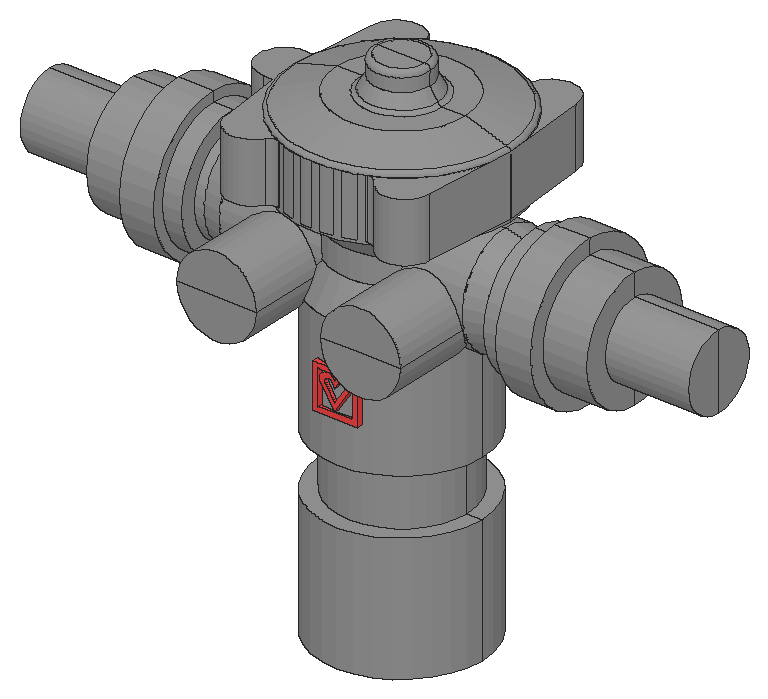
Revit family "Kombiventil 4006_R_SMART", category Rohrzubehör, Revit 2018
Family settings
  Bemaßung runder Anschluss = Durchmesser verwenden
  Teiletyp = Unterbricht
  OmniClass-Nummer = 23.65.55.14
  OmniClass-Titel = Valves for Liquid Services
  Arbeitsebenenbasiert = Nein
  Immer vertikal = Ja
  Beim Laden mit Abzugskörper schneiden = Nein
  Gemeinsam genutzt = Nein
Parameters
  min.Betriebstemperatur (reines Wasser) = 2 °C  # constant formula
  min.Betriebstemperatur (Frostschutz) = -20 °C  # constant formula
  max.Betriebstemperatur bis DN32 = 130 °C  # constant formula
  max.Betriebstemperatur ab DN40 = 110 °C  # constant formula
  max.Betriebsdruck = 1600000.0 Pa  # constant formula
  VRL01 = 30.000 mm  # constant formula
  V12 = 17.000 mm  # constant formula
  V10 = 7.000 mm  # constant formula
  V09 [instance] = L06 + 4.000 mm  # 11.000 mm
  V04 [instance] = V08 + 3.000 mm  # 13.000 mm
  V03 [instance] = V08 + 5.000 mm  # 15.000 mm
  V02 [instance] = V01 + 4.500 mm  # 12.000 mm
  V01 [instance] = Nennweite / 2  # 7.500 mm
  URL = "www.herz-armaturen.at"
  Stift = "Edelstahl 14301"  # constant formula
  SCRNSEQ = "ARM;ARM_TYP=\"DURR\";2"
  SCRNCODE = "05;04;02"  # constant formula
  S09 = 10.000 mm
  S08 = 30.000 mm
  S07 [instance] = H03 + 3.700 mm  # 10.051 mm
  S04 [instance] = V03 * 2  # 30.000 mm
  S01 [instance] = L01 + L02 + (VRL01 * 2)  # 135.000 mm
  R17 [instance] = size_lookup("4006R_S", "R17", 12.500 mm, Nennweite)  # 12.500 mm
  R16 [instance] = size_lookup("4006R_S", "R16", 16.500 mm, Nennweite)  # 16.500 mm
  R15 = 7.225 mm  # constant formula
  R14 = 8.070 mm  # constant formula
  R13 = 3.496 mm  # constant formula
  R12 = 6.800 mm  # constant formula
  R11 = 9.620 mm  # constant formula
  R10 = 6.800 mm  # constant formula
  R09 = 16.292 mm  # constant formula
  R08 = 13.212 mm  # constant formula
  R07 = 18.816 mm  # constant formula
  R06 = 22.000 mm  # constant formula
  R05 = 12.954 mm  # constant formula
  R04 = 7.193 mm  # constant formula
  R03 = 5.755 mm  # constant formula
  R02 = 4.670 mm  # constant formula
  R01 [instance] = size_lookup("4006R_S", "R01", 11.000 mm, Nennweite)  # 11.000 mm
  PN = 16  # constant formula
  O-Ringe = "EPDM"  # constant formula
  V08 [instance] = size_lookup("4006R_S", "N2", 10.000 mm, Nennweite)  # 10.000 mm
  Nennweite/2 [instance] = size_lookup("4006R_S", "N1", 8.000 mm, Nennweite)  # 9.000 mm
  Nennweite [instance] = 15.000 mm
  Membrangehäuse = "Messing CW602N"  # constant formula
  Membrane = "EPDM"  # constant formula
  Medium = "Wasserbeschaffenheit nach ÖNORM H 5195 und VDI 2035.\r\nDie Verwendung von Ethylen- und Propylenglykol ist im Mischungsverhältnis 25 - 50 Vol.- [%] zulässig."
  L15 [instance] = size_lookup("4006R_S", "L15", 3.300 mm, Nennweite)  # 3.300 mm
  L14 [instance] = size_lookup("4006R_S", "L14", 43.477 mm, Nennweite)  # 43.477 mm
  L13 [instance] = size_lookup("4006R_S", "L13", 32.232 mm, Nennweite)  # 32.232 mm
  L12 [instance] = size_lookup("4006R_S", "L12", 6.497 mm, Nennweite)  # 6.497 mm
  L11 [instance] = size_lookup("4006R_S", "L11", 5.418 mm, Nennweite)  # 5.418 mm
  L10 [instance] = size_lookup("4006R_S", "L10", 12.434 mm, Nennweite)  # 12.434 mm
  L09 [instance] = size_lookup("4006R_S", "L09", 24.943 mm, Nennweite)  # 24.943 mm
  L08 [instance] = size_lookup("4006R_S", "L08", 28.260 mm, Nennweite)  # 28.260 mm
  L07 [instance] = size_lookup("4006R_S", "L07", 33.915 mm, Nennweite)  # 33.915 mm
  L06 = 7.000 mm  # constant formula
  L05 = 9.000 mm  # constant formula
  L04 = 21.000 mm  # constant formula
  L03 = 28.000 mm  # constant formula
  L02 = 34.000 mm  # constant formula
  L01 = 41.000 mm  # constant formula
  Impulsleitung = "Kupfer Cu-DHP (CW024A)"  # constant formula
  Hub = 4.000 mm  # constant formula
  Hersteller = "Herz-Armaturen GmbH"  # constant formula
  H04 = 12.000 mm  # constant formula
  H03 = 6.351 mm  # constant formula
  H02 [instance] = size_lookup("4006R_S", "H2", 69.000 mm, Nennweite)  # 69.000 mm
  H01 [instance] = size_lookup("4006R_S", "H1", 35.000 mm, Nennweite)  # 35.000 mm
  H [instance] = 112.553 mm  # constant formula
  Gehäuse = "DZR Messing CC770S"  # constant formula
  E20 = 108.221 mm  # constant formula
  E19 = 5.000 mm  # constant formula
  E18 = 5.150 mm  # constant formula
  E17 = 28.850 mm  # constant formula
  E16 = 23.700 mm  # constant formula
  E15 = 21.877 mm  # constant formula
  E14 = 20.506 mm  # constant formula
  E13 = 11.063 mm  # constant formula
  E12 = 9.001 mm  # constant formula
  E11 = 10.700 mm  # constant formula
  E10 = 20.427 mm  # constant formula
  E09 = 20.075 mm  # constant formula
  E08 = 20.825 mm  # constant formula
  E07 = 5.150 mm  # constant formula
  E06 = 17.921 mm  # constant formula
  E05 = 20.519 mm  # constant formula
  E04 = 19.704 mm  # constant formula
  E03 = 18.385 mm  # constant formula
  E02 = 20.014 mm  # constant formula
  E01 = 23.000 mm  # constant formula
  Druckfeder = "Federstahl"  # constant formula
  Bestellnummer Verschraubung [instance] = size_lookup("4006R_S", "Vrnr", 0, Nennweite)  # 1621011
  Bestellnummer [instance] = size_lookup("4006R_S", "Artnr", 0, Nennweite)  # 1400661
  Bauschutzkappe = "Kunststoff"  # constant formula
  B09 = 7.998 mm  # constant formula
  B08 = 26.000 mm  # constant formula
  B07 = 30.908 mm  # constant formula
  B06 = 39.471 mm  # constant formula
  B05 = 40.933 mm  # constant formula
  B04 = 41.901 mm  # constant formula
  B03 = 44.372 mm  # constant formula
  B02 = 45.400 mm  # constant formula
  B01 = 50.000 mm  # constant formula
  Anwendungsgebiet = "Das Kombiventil wird in allen pumpenbetriebenen Heiz- und Kühlanlagen eingesetzt. Der Regler begrenzt automatisch\r\nden Volumenstrom im gewählten Anlagenteil auf den einmal eingestellten Wert, indem alle Druckschwankungen\r\ngemessen und ausgeregelt werden. Somit sind keine Messungen erforderlich und die Regelung ist bei allen\r\nBetriebsbedingungen effektiv. Das Kombiventil regelt den Volumenstrom der ventileigenen Voreinstellung auf einen\r\nkonstanten Wert; die Membran regelt aufgrund des Druckes unmittelbar nach dem Regeleinsatz, sowie des Druckes\r\ndavor."
Reference planes
  plane 1 "Mitte (Vorne/hinten)": y = 0
  plane 2: z = 0
  plane 3 "Mitte (Links/rechts)": x = 0
Forms (mm)
  Revolve 1, solid, material "Messing, weicher Gelbton, geschweißt", detail levels fine
    sketch origin (0, 0, 0) x (1, 0, 0) y (0, 0, 1)
      loop
        line (-41, 9) -> (-34, 9) -> (-34, 0) -> (27, 0) -> (27, 9) -> (34, 9) -> (34, 10) -> (25, 10) -> (21, 11) -> (-28, 11) -> (-32, 10) -> (-41, 10) -> (-41, 9)
      axis (-41, 0) -> (34, 0)
    angle from 0 to 360
  Revolve 2, solid, material "Messing, weicher Gelbton, geschweißt", detail levels fine
    sketch origin (0, 0, 0) x (1, 0, 0) y (0, 0, 1)
      loop
        line (0, -69) -> (16.292, -69) -> (16.292, -43.477) -> (13.212, -43.477) -> (13.212, -32.232) -> (16.292, -32.232) -> (16.292, -6.497) -> (13.212, 0.106) -> (13.212, 5.418) -> (18.816, 12.434) -> (22, 12.434) -> (22, 24.943)
        arc (22, 24.943) -> (21.752, 25.523) -> (21.223, 25.866) r 1.085
        line (21.223, 25.866) -> (12.954, 28.26) -> (8.134, 28.26)
        arc (8.134, 28.26) -> (7.591, 28.406) -> (7.193, 28.803) r 1.086
        line (7.193, 28.803) -> (5.755, 31.294) -> (5.755, 33.915)
        arc (5.755, 33.915) -> (5.437, 34.682) -> (4.67, 35) r 1.085
        line (4.67, 35) -> (0, 35) -> (0, -69)
      axis (0, 35) -> (0, -69)
    angle from 0 to 360
  Extrusion 3, solid, material "Messing, weicher Gelbton, geschweißt", detail levels fine
    sketch origin (0, 0, 28.917) x (1, 0, 0) y (0, 1, 0)
      loop
        arc (-20.506, 17.921) -> (-21.381, 11.556) -> (-21.877, 5.15) r 108.259
        line (-21.877, 5.15) -> (-23.7, 5.15)
        arc (-23.7, 5.15) -> (-27.342, 3.642) -> (-28.85, 0) r 5.15
        arc (-28.85, 0) -> (-27.342, -3.642) -> (-23.7, -5.15) r 5.15
        line (-23.7, -5.15) -> (-21.877, -5.15)
        arc (-21.877, -5.15) -> (-21.356, -11.79) -> (-20.427, -18.385) r 108.259
        arc (-20.427, -18.385) -> (-16.688, -23.223) -> (-11.063, -20.825) r 5
        arc (-11.063, -20.825) -> (-10.143, -20.146) -> (-9.001, -20.075) r 2.019
        arc (-9.001, -20.075) -> (0, -22.001) -> (9.001, -20.075) r 22.001
        arc (9.001, -20.075) -> (10.143, -20.145) -> (11.063, -20.825) r 2.019
        arc (11.063, -20.825) -> (16.688, -23.223) -> (20.427, -18.385) r 5
        arc (20.427, -18.385) -> (22, 0) -> (20.427, 18.385) r 108.221
        arc (20.427, 18.385) -> (16.253, 23.316) -> (10.7, 20.014) r 5
        arc (10.7, 20.014) -> (9.88, 19.699) -> (9.001, 19.704) r 2.379
        arc (9.001, 19.704) -> (0, 21.663) -> (-9.001, 19.704) r 21.663
        arc (-9.001, 19.704) -> (-10.161, 19.785) -> (-11.063, 20.519) r 1.927
        arc (-11.063, 20.519) -> (-16.774, 22.818) -> (-20.506, 17.921) r 5.079
    from -15.973 to -3.973
  Revolve 4, solid, material "Messing, weicher Gelbton, geschweißt", detail levels fine
    sketch origin (0, 0, -3.3) x (1, 0, 0) y (0, 1, 0)
      loop
        line (-16.5, -26) -> (-16.5, -7.998) -> (-24.57, -7.998) -> (-24.57, -26) -> (-16.5, -26)
      axis (-16.5, -7.998) -> (-16.5, -26)
    angle from 0 to 360
  Revolve 5, solid, material "Messing, weicher Gelbton, geschweißt", detail levels fine
    sketch origin (-4, 0, -3.3) x (-1, 0, 0) y (0, -1, 0)
      loop
        line (-16.5, 26) -> (-24.57, 26) -> (-24.57, 7.998) -> (-16.5, 7.998) -> (-16.5, 26)
      axis (-16.5, 7.998) -> (-16.5, 26)
    angle from 0 to 360
  Revolve 6, solid, material "Messing, weicher Gelbton, geschweißt", detail levels fine
    sketch origin (0, 0, 0) x (1, 0, 0) y (0, 0, 1)
      loop
        line (34, 0) -> (64, 0) -> (64, 7.5) -> (47, 7.5) -> (47, 12) -> (38, 12) -> (38, 15) -> (31, 15) -> (31, 13) -> (27, 13) -> (27, 10) -> (34, 10) -> (34, 0)
      axis (27, 0) -> (64, 0)
    angle from 0 to 360
  Revolve 7, solid, material "Messing, weicher Gelbton, geschweißt", detail levels fine
    sketch origin (-7, 0, 0) x (-1, 0, 0) y (0, 0, -1)
      loop
        line (34, 0) -> (34, -10) -> (27, -10) -> (27, -13) -> (31, -13) -> (31, -15) -> (38, -15) -> (38, -12) -> (47, -12) -> (47, -7.5) -> (64, -7.5) -> (64, 0) -> (34, 0)
      axis (27, 0) -> (64, 0)
    angle from 0 to 360
Lines and regions (mm)
  model lines, detail levels coarse+medium
    curve 1: line (67.5, -15, 0) -> (67.5, 15, 0)
    curve 2: line (67.5, 15, 0) -> (-67.5, -15, 0)
    curve 3: line (-67.5, -15, 0) -> (-67.5, 15, 0)
    curve 4: line (-67.5, 15, 0) -> (67.5, -15, 0)
    curve 5: line (-67.5, 14.673, 0) -> (0, -12.434, 0)
    curve 6: line (0, -12.434, 0) -> (67.5, 14.673, 0)
    curve 7: line (0, -12.434, 0) -> (0, -24.949, 0)
    curve 8: spline (-22, -29.974, 0) -> (-21.25, -28.674, 0) -> (-19.053, -27.462, 0) -> (-15.556, -26.421, 0) -> (-11, -25.622, 0) -> (-5.694, -25.12, 0) -> (0, -24.949, 0) -> (5.694, -25.12, 0) -> (11, -25.622, 0) -> (15.556, -26.421, 0) -> (19.053, -27.462, 0) -> (21.25, -28.674, 0) -> (22, -29.975, 0) -> (21.25, -31.275, 0) -> (19.053, -32.487, 0) -> (15.556, -33.528, 0) -> (11, -34.327, 0) -> (5.694, -34.829, 0) -> (0, -35, 0) -> (-5.694, -34.829, 0) -> (-11, -34.327, 0) -> (-15.556, -33.528, 0) -> (-19.053, -32.487, 0) -> (-21.25, -31.275, 0) -> (-22, -29.974, 0)
    curve 9: line (-67.5, 0, 15) -> (-67.5, 0, -15)
    curve 10: line (-67.5, 0, -15) -> (67.5, 0, 15)
    curve 11: line (67.5, 0, 15) -> (67.5, 0, -15)
    curve 12: line (67.5, 0, -15) -> (-67.5, 0, 15)
    curve 13: line (67.5, 0, -14.975) -> (0, 0, 12.434)
    curve 14: line (0, 0, 12.434) -> (-67.5, 0, -15)
    curve 15: line (0, 0, 12.434) -> (0, 0, 24.949)
    curve 16: spline (-22, 0, 29.975) -> (-21.25, 0, 31.275) -> (-19.053, 0, 32.487) -> (-15.556, 0, 33.528) -> (-11, 0, 34.327) -> (-5.694, 0, 34.829) -> (0, 0, 35) -> (5.694, 0, 34.829) -> (11, 0, 34.327) -> (15.556, 0, 33.528) -> (19.053, 0, 32.487) -> (21.25, 0, 31.275) -> (22, 0, 29.974) -> (21.25, 0, 28.674) -> (19.053, 0, 27.462) -> (15.556, 0, 26.421) -> (11, 0, 25.622) -> (5.694, 0, 25.12) -> (0, 0, 24.949) -> (-5.694, 0, 25.12) -> (-11, 0, 25.622) -> (-15.556, 0, 26.421) -> (-19.053, 0, 27.462) -> (-21.25, 0, 28.674) -> (-22, 0, 29.975)
  model lines
    curve 17: line (-67.5, 0, 15) -> (-77.5, 0, 15)
    curve 18: line (-77.5, 0, 15) -> (-67.5, 0, 0)
    curve 19: line (-67.5, 0, -15) -> (-77.5, 0, -15)
    curve 20: line (-77.5, 0, -15) -> (-67.5, 0, 0)
    curve 21: line (-67.5, 0, 0) -> (-97.5, 0, 0)
    curve 22: line (67.5, 0, 15) -> (77.5, 0, 15)
    curve 23: line (77.5, 0, 15) -> (67.5, 0, 0)
    curve 24: line (67.5, 0, -15) -> (77.5, 0, -15)
    curve 25: line (77.5, 0, -15) -> (67.5, 0, 0)
    curve 26: line (67.5, 0, 0) -> (97.5, 0, 0)
Dimensions and locks
  "H02": level to Revolve 2 sketch curve
  "L01": plane 3 "Mitte (Links/rechts)" to Revolve 1 sketch curve
  "V08": Revolve 1 sketch curve to Revolve 1 sketch curve  (x2)
  "Nennweite/2": Revolve 1 sketch curve to Revolve 1 sketch curve  (x2)
  "E01": plane 1 "Mitte (Vorne/hinten)" to Extrusion 3 sketch curve
  "L03": plane 3 "Mitte (Links/rechts)" to Revolve 1 sketch curve
  "L04": Revolve 1 sketch curve to plane 3 "Mitte (Links/rechts)"
  "L05": Revolve 1 sketch curve to Revolve 1 sketch curve  (x2)
  "L06": Revolve 1 sketch curve to Revolve 1 sketch curve  (x2)
  "L02": Revolve 1 sketch curve to plane 3 "Mitte (Links/rechts)"
  "H01": Revolve 2 sketch curve to level
  "R02": Revolve 2 sketch curve to Revolve 2 sketch curve
  "R03": Revolve 2 sketch curve to Revolve 2 sketch curve
  "R04": Revolve 2 sketch curve to Revolve 2 sketch curve
  "R05": Revolve 2 sketch curve to Revolve 2 sketch curve
  "R06": Revolve 2 sketch curve to Revolve 2 sketch curve
  "R07": Revolve 2 sketch curve to Revolve 2 sketch curve
  "R08": Revolve 2 sketch curve to Revolve 2 sketch curve  (x2)
  "R09": Revolve 2 sketch curve to Revolve 2 sketch curve  (x2)
  "L07": Revolve 2 sketch curve to plane 2
  "L08": Revolve 2 sketch curve to plane 2
  "L09": Revolve 2 sketch curve to plane 2
  "L10": Revolve 2 sketch curve to plane 2
  "L11": Revolve 2 sketch curve to plane 2
  "L12": plane 2 to Revolve 2 sketch curve
  "L13": plane 2 to Revolve 2 sketch curve
  "L14": plane 2 to Revolve 2 sketch curve
  "B08": plane 1 "Mitte (Vorne/hinten)" to Revolve 4 sketch curve
  "E02": plane 1 "Mitte (Vorne/hinten)" to Extrusion 3 sketch curve
  "E03": plane 1 "Mitte (Vorne/hinten)" to Extrusion 3 sketch curve
  "E04": plane 1 "Mitte (Vorne/hinten)" to Extrusion 3 sketch curve  (x2)
  "E05": plane 1 "Mitte (Vorne/hinten)" to Extrusion 3 sketch curve
  "E06": plane 1 "Mitte (Vorne/hinten)" to Extrusion 3 sketch curve
  "E07": plane 1 "Mitte (Vorne/hinten)" to Extrusion 3 sketch curve  (x2)
  "E03": Extrusion 3 sketch curve to plane 1 "Mitte (Vorne/hinten)"  (x2)
  "E08": Extrusion 3 sketch curve to plane 1 "Mitte (Vorne/hinten)"  (x2)
  "E09": Extrusion 3 sketch curve to plane 1 "Mitte (Vorne/hinten)"  (x2)
  "E07": Extrusion 3 sketch curve to plane 1 "Mitte (Vorne/hinten)"
  "E10": plane 3 "Mitte (Links/rechts)" to Extrusion 3 sketch curve  (x2)
  "E11": plane 3 "Mitte (Links/rechts)" to Extrusion 3 sketch curve
  "E12": plane 3 "Mitte (Links/rechts)" to Extrusion 3 sketch curve  (x2)
  "E12": Extrusion 3 sketch curve to plane 3 "Mitte (Links/rechts)"  (x2)
  "E13": Extrusion 3 sketch curve to plane 3 "Mitte (Links/rechts)"  (x2)
  "E14": Extrusion 3 sketch curve to plane 3 "Mitte (Links/rechts)"
  "E15": Extrusion 3 sketch curve to plane 3 "Mitte (Links/rechts)"  (x2)
  "E16": Extrusion 3 sketch curve to plane 3 "Mitte (Links/rechts)"  (x2)
  "E17": Extrusion 3 sketch curve to plane 3 "Mitte (Links/rechts)"
  "E10": Extrusion 3 sketch curve to plane 3 "Mitte (Links/rechts)"
  "E13": plane 3 "Mitte (Links/rechts)" to Extrusion 3 sketch curve
  "H03": Revolve 2 to Extrusion 3
  "H04": Extrusion 3 to Extrusion 3
  "R01": Revolve 1 sketch curve to Revolve 1 sketch curve
  "R16": Revolve 4 sketch curve to plane 3 "Mitte (Links/rechts)"
  "B08": Revolve 5 sketch curve to plane 1 "Mitte (Vorne/hinten)"
  "R17": plane 3 "Mitte (Links/rechts)" to Revolve 5 sketch curve
  "L06": Revolve 6 sketch curve to Revolve 6 sketch curve
  "V09": Revolve 6 sketch curve to Revolve 6 sketch curve
  "V10": Revolve 6 sketch curve to Revolve 6 sketch curve
  "V12": Revolve 6 sketch curve to Revolve 6 sketch curve
  "V01": Revolve 6 sketch curve to plane 2
  "V02": Revolve 6 sketch curve to plane 2
  "V03": Revolve 6 sketch curve to plane 2
  "V08": Revolve 6 sketch curve to plane 2
  "V04": Revolve 6 sketch curve to plane 2
  "L02": Revolve 6 sketch curve to plane 3 "Mitte (Links/rechts)"
  "L06": Revolve 7 sketch curve to Revolve 7 sketch curve
  "V09": Revolve 7 sketch curve to Revolve 7 sketch curve
  "V10": Revolve 7 sketch curve to Revolve 7 sketch curve
  "V12": Revolve 7 sketch curve to Revolve 7 sketch curve
  "V01": Revolve 7 sketch curve to plane 2
  "V02": Revolve 7 sketch curve to plane 2
  "L01": Revolve 7 sketch curve to plane 3 "Mitte (Links/rechts)"
  "V08": Revolve 7 sketch curve to plane 2
  "V04": Revolve 7 sketch curve to plane 2
  "V03": Revolve 7 sketch curve to plane 2
  "S01": curve 3 to curve 1
  "S04": curve 3 to curve 4
  "S04": curve 4 to curve 2
  equal spacing: curve 3, plane 1 "Mitte (Vorne/hinten)", curve 4
  equal spacing: curve 4, plane 1 "Mitte (Vorne/hinten)", curve 2
  "S07": curve 8 to curve 8
  "H01": curve 8 to plane 1 "Mitte (Vorne/hinten)"
  "L10": curve 7 to plane 1 "Mitte (Vorne/hinten)"
  "R06": curve 8 to plane 3 "Mitte (Links/rechts)" to curve 8
  "VRL01": Revolve 7 sketch curve to Revolve 7 sketch curve
  "VRL01": Revolve 6 sketch curve to Revolve 6 sketch curve
  equal spacing: curve 3, plane 3 "Mitte (Links/rechts)", curve 1
  "S01": curve 9 to curve 11
  equal spacing: curve 9, plane 3 "Mitte (Links/rechts)", curve 11
  "R06": curve 16 to plane 3 "Mitte (Links/rechts)" to curve 16
  "S07": curve 16 to curve 16
  "S04": curve 11 to curve 12
  "S04": curve 12 to curve 14
  equal spacing: curve 12, plane 2, curve 14
  equal spacing: curve 11, plane 2, curve 12
  "L10": curve 15 to plane 2
  "H01": curve 16 to plane 2
  "S09": curve 18 to curve 9
  "S09": curve 20 to curve 9
  "V03": curve 17 to plane 2
  "V03": plane 2 to curve 19
  "S08": curve 21 to curve 9
  "S09": curve 11 to curve 23
  "S09": curve 11 to curve 25
  "S08": curve 11 to curve 26
  "V03": curve 22 to plane 2 to curve 24
  "E18": radius of Extrusion 3 sketch curve  (x2)
  "E19": radius of Extrusion 3 sketch curve  (x3)
  "E20": radius of Extrusion 3 sketch curve
  aligned and locked: level to plane 2
Automatic sketch dimensions
  curve 18 to level = 0.000 mm
  curve 26 to level = 0.000 mm
  curve 17 to curve 18 = 10.000 mm
  curve 26 to curve 22 = 10.000 mm
  curve 17 to curve 17 = 10.000 mm
  curve 19 to curve 19 = 10.000 mm
  curve 22 to curve 22 = 10.000 mm
  curve 24 to curve 24 = 10.000 mm
  curve 6 to plane 3 "Mitte (Links/rechts)" = 0.000 mm
  curve 6 to curve 1 = 0.327 mm
  curve 5 to curve 3 = 0.327 mm
  Revolve 1 sketch curve to level = 0.000 mm  (x2)
  Revolve 1 sketch curve to Revolve 1 sketch curve = 1307.458 mm
  Revolve 1 sketch curve to Revolve 1 sketch curve = 1854.450 mm
  Revolve 2 sketch curve to plane 3 "Mitte (Links/rechts)" = 0.000 mm  (x2)
  Revolve 2 sketch curve to Revolve 2 sketch curve = 0.941 mm
  Revolve 2 sketch curve to Revolve 2 sketch curve = 1.078 mm
  Revolve 2 sketch curve to Revolve 2 sketch curve = 0.302 mm
  level to Revolve 2 sketch curve = 0.106 mm
  Revolve 2 sketch curve to Revolve 2 sketch curve = 0.119 mm
  Revolve 2 sketch curve to Revolve 2 sketch curve = 0.543 mm
  Revolve 2 sketch curve to Revolve 2 sketch curve = 2.621 mm
  Revolve 2 sketch curve to Revolve 2 sketch curve = 297.045 mm
  Revolve 2 sketch curve to Revolve 2 sketch curve = 2179.315 mm
  Extrusion 3 sketch curve to Extrusion 3 sketch curve = 0.000 mm  (x4)
  plane 1 "Mitte (Vorne/hinten)" to Extrusion 3 sketch curve = 0.000 mm
  Extrusion 3 sketch curve to Extrusion 3 sketch curve = 0.452 mm
  Extrusion 3 sketch curve to Extrusion 3 sketch curve = 1.611 mm
  Extrusion 3 sketch curve to Extrusion 3 sketch curve = 1.247 mm
  Extrusion 3 sketch curve to Extrusion 3 sketch curve = 1.610 mm
  Revolve 4 sketch curve to Revolve 4 sketch curve = 0.000 mm  (x3)
  Revolve 4 sketch curve to Revolve 4 sketch curve = 8.070 mm
  plane 1 "Mitte (Vorne/hinten)" to Revolve 4 sketch curve = 7.998 mm
  Revolve 5 sketch curve to Revolve 5 sketch curve = 0.000 mm  (x3)
  Revolve 5 sketch curve to Revolve 5 sketch curve = 8.070 mm
  plane 1 "Mitte (Vorne/hinten)" to Revolve 5 sketch curve = 7.998 mm
  Revolve 6 sketch curve to level = 0.000 mm  (x2)
  Revolve 6 sketch curve to Revolve 6 sketch curve = 0.000 mm  (x2)
  Revolve 7 sketch curve to level = 0.000 mm  (x2)
  Revolve 7 sketch curve to Revolve 7 sketch curve = 0.000 mm  (x2)
  curve 14 to plane 3 "Mitte (Links/rechts)" = 0.000 mm
  curve 10 to curve 14 = 0.000 mm
  curve 11 to curve 13 = 0.025 mm
Nested families
  nested 1: "Herz-Logo-vorne" at (0, -16.056, -19.148) x (0, 1, 0) z (0, 0, 1), type "Herz-Logo-vorne"
Connectors
  piping at (64, 0, 0), diameter 15, driven by "Nennweite"
    settings: on Revolve 6, index 1, connector inside diameter 609.6 mm, connector length 0.000 mm, flow factor 0, pipe flow 0.0 L/s, pressure drop 0.0 Pa, fitting loss kfactor 0, connector angle 0.00°, fixture units 0, engagement length 0.000 mm, angle of deflection 0.00°, flow configuration 0, flow direction 2, fitting loss method 0, system type 29, joint type 0, gender type 0, connector reference index -1, connector utility 0, adjustable connector no, is connector primary yes, connector description ""
  piping at (-71, 0, 0), diameter 15, driven by "Nennweite"
    settings: on Revolve 7, index 2, connector inside diameter 609.6 mm, connector length 0.000 mm, flow factor 0, pipe flow 0.0 L/s, pressure drop 0.0 Pa, fitting loss kfactor 0, connector angle 0.00°, fixture units 0, engagement length 0.000 mm, angle of deflection 0.00°, flow configuration 0, flow direction 1, fitting loss method 0, system type 29, joint type 0, gender type 0, connector reference index -1, connector utility 0, adjustable connector no, is connector primary no, connector description ""
Definition of nested family "Herz-Logo-vorne"
  Reference planes
    plane 1 "Mitte (Vorne/hinten)": y = 0
    plane 2: z = 0
    plane 3 "Mitte (Links/rechts)": x = 0
  Forms (mm)
    Extrusion 1, solid
      sketch origin (0.732, -0.018, 0.017) x (0, -1, 0) y (0, 0, 1)
        loop
          line (-0.018, -4.517) -> (4.482, -4.517) -> (4.482, 4.483) -> (-4.518, 4.483) -> (-4.518, -4.517) -> (-0.018, -4.517)
        loop
          line (-0.05, -3.48) -> (3.482, -3.48) -> (3.482, 3.483) -> (-3.518, 3.483) -> (-3.518, -3.48) -> (-0.05, -3.48)
        loop
          arc (-0.018, 2.383) -> (-1.543, 3.287) -> (-3.067, 2.383) r 1.738
          arc (-3.067, 2.383) -> (-3.191, 1.899) -> (-3.067, 1.415) r 1.009
          line (-3.067, 1.415) -> (-0.018, -3.281) -> (3.032, 1.415)
          arc (3.032, 1.415) -> (3.156, 1.899) -> (3.032, 2.383) r 1.009
          arc (3.032, 2.383) -> (1.507, 3.287) -> (-0.018, 2.383) r 1.738
        loop
          arc (1.885, 1.272) -> (2.005, 1.675) -> (1.885, 2.079) r 0.74
          arc (1.885, 2.079) -> (1.265, 2.416) -> (0.644, 2.079) r 0.74
          line (0.644, 2.079) -> (-0.018, 0.97) -> (-0.679, 2.079)
          arc (-0.679, 2.079) -> (-1.3, 2.416) -> (-1.921, 2.079) r 0.74
          arc (-1.921, 2.079) -> (-2.04, 1.675) -> (-1.921, 1.272) r 0.74
          line (-1.921, 1.272) -> (-0.018, -1.658) -> (1.885, 1.272)
      from 0 to 1.5
  Dimensions and locks
    aligned and locked: level to plane 2
